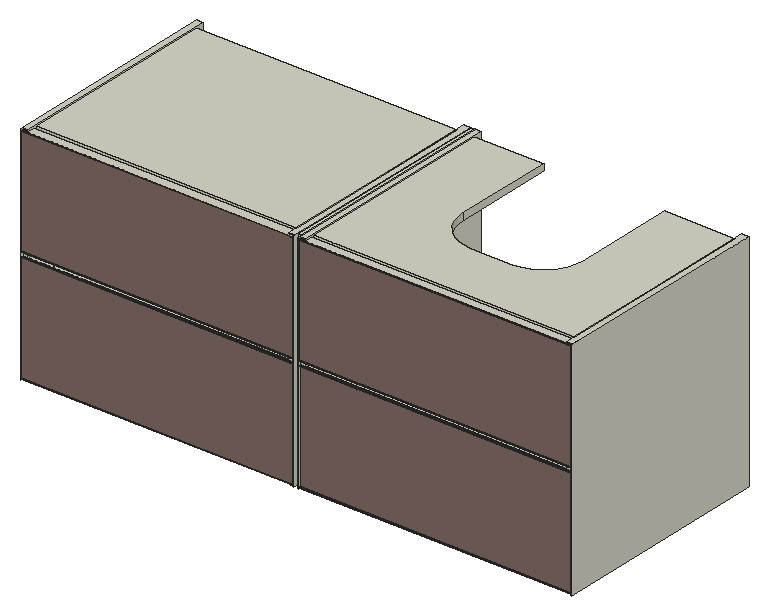
Revit family "vanity unit-hansgrohe-54240XXX-Xevolos E Vanity unit Sand Matt Beige 1370_550 with 4 drawers for consoles with countertop basin ground right", category Furniture, Revit 2019
Family settings
  OmniClass Number = 23.40.00.00
  OmniClass Title = Equipment and Furnishings
  Work Plane-Based = No
  Always vertical = Yes
  Cut with Voids When Loaded = No
  Shared = Yes
  Room Calculation Point = No
Parameters (values of type "54240730-SAND_MATT_BEIGE-DARK_OAK-400")
  etim7_EC011381 = "EC011381"
  WEIGHT = "83.3"
  UNSPSC = "56 | Furniture and Furnishings"
  UNIFORMATII = "E2010 | Fixed Furnishings"
  UNICLASS_2015_CODE = "40_30_78_05"
  UNICLASS2015 = "Pr_40_30_78_05 | Bathroom furniture"
  SURFACE = "DARK_OAK"
  REGION = "Worldwide"
  PERMALINK = "54240XXX"
  OMNICLASS = "23-21 19 15 33 13 | Residential Bathroom Specialty Casework"
  OBJECTTYPE = "Object (single object)"
  OBERFLAECHE = "SAND_MATT_BEIGE"
  NN = "Vanity unit with 4 drawers for consoles with countertop basin ground"
  NBSYN = "$ARTNR.-$OBERFLAECHE.-$SURFACE.-$LODLEVEL."
  NB = "54240730-SAND_MATT_BEIGE-DARK_OAK-400"
  NAME = "Xevolos E Vanity unit Sand Matt Beige 1370/550 with 4 drawers for consoles with countertop basin ground right"
  Model = "54240730-SAND_MATT_BEIGE-DARK_OAK-400"
  Manufacturer = "Hansgrohe"
  MIdent = "{$CADENAS_DATA/23d-libs/hansgrohe/xevolos_furniture/e_vanity_unit_4drawers_consoles_countertop_basin/vanity_unit_4drawers_consoles_countertop_basin.prj},285 {VTYP=3D},{NB=54240730-SAND_MATT_BEIGE-DARK_OAK-400},{LINA=54240730-SAND_MATT_BEIGE-DARK_OAK-400},{NN=Vanity unit with 4 drawers for consoles with countertop basin ground},{DATE=13.03.2023 11:56:00},{GEOMDATE=12.03.2023 06:43:00},{VERSION=},{LINEID=140},{WBVAR=LODLEVEL},{WBNUMERIC=}  {NB=54240730-SAND_MATT_BEIGE-DARK_OAK-400},{LINA=54240730-SAND_MATT_BEIGE-DARK_OAK-400},{KT=DUMMY},{IDNR=14},{ARTNR=54240730},{BASENUMBER=54240},{MODEL=54240XXX},{OBERFLAECHE=SAND_MATT_BEIGE},{SURFACE=DARK_OAK},{L=1370},{CTP=R},{LODLEVEL=400},{LODLEVELX='400','400','200','200'},{NAME=Xevolos E Vanity unit Sand Matt Beige 1370/550 with 4 drawers for consoles with countertop basin ground right},{PERMALINK=54240XXX},{OBJECTTYPE=Object (single object)},{BIMOBJECT=Sanitary: Compound units},{COLLECTIONSET=Xevolos E},{COLLECTION=vanity unit},{WEIGHT=83.3},{DESCRIPTION=Xevolos E Vanity unit Sand Matt Beige 1370/550 with 4 drawers for consoles with countertop basin ground right},{PRODUCTURL=https://pro.hansgrohe.com/articledetail--54240390},{GTINCODE=0},{TENDERURL=0},{IFC=Furnishing element},{ETIM=EC011381 | Bathroom furniture set},{UNICLASS2015=Pr_40_30_78_05 | Bathroom furniture},{OMNICLASS=23-21 19 15 33 13 | Residential Bathroom Specialty Casework},{MASTERFORMAT=12 35 30.23 | Bathroom Casework},{UNSPSC=56 | Furniture and Furnishings},{UNIFORMATII=E2010 | Fixed Furnishings},{REGION=Worldwide},{DESIGN=Germany},{MANUFACTURER=Germany}"
  MASTERFORMAT = "12 35 30.23 | Bathroom Casework"
  LODLEVEL = "400"
  LINA = "54240730-SAND_MATT_BEIGE-DARK_OAK-400"
  L = 1370
  IFC = "Furnishing element"
  IDNR = 14
  ETIM = "EC011381 | Bathroom furniture set"
  DESIGN = "Germany"
  CTP = "R"
  COLLECTIONSET = "Xevolos E"
  COLLECTION = "vanity unit"
  CATALOG = "Hansgrohe"
  BIMOBJECT = "Sanitary: Compound units"
  BASENUMBER = "54240"
  ARTNR = "54240730"
  54240790-SAND_MATT_BEIGE-METALLIC_SAND_BEIGE-400_RX0RY0RZ0TX0TY0TZ0_V = no
  54240790-SAND_MATT_BEIGE-METALLIC_SAND_BEIGE-200_RX0RY0RZ0TX0TY0TZ0_V = no
  54240730-SAND_MATT_BEIGE-DARK_OAK-400_RX0RY0RZ0TX0TY0TZ0_V = yes
  54240730-SAND_MATT_BEIGE-DARK_OAK-200_RX0RY0RZ0TX0TY0TZ0_V = no
  54240390-SAND_MATT_BEIGE-PATTEREND_BRONZE-400_RX0RY0RZ0TX0TY0TZ0_V = no
  54240390-SAND_MATT_BEIGE-PATTEREND_BRONZE-200_RX0RY0RZ0TX0TY0TZ0_V = no
Reference planes
  plane 1 "Center (Front/Back)": y = 0
  plane 2: z = 0
  plane 3 "Center (Left/Right)": x = 0
Dimensions and locks
  aligned and locked: level to plane 2
Nested families
  nested 1: "54240390-sand_matt_beige-patterend_bronze-200_content" at (0, 0, 0), visible <- "54240390-SAND_MATT_BEIGE-PATTEREND_BRONZE-200_RX0RY0RZ0TX0TY0TZ0_V", ContentVisible <- "54240390-SAND_MATT_BEIGE-PATTEREND_BRONZE-200_RX0RY0RZ0TX0TY0TZ0_V", type "54240390-SAND_MATT_BEIGE-PATTEREND_BRONZE-200_Content"
    with ContentVisible no
  nested 2: "54240390-sand_matt_beige-patterend_bronze-400_content" at (0, 0, 0), visible <- "54240390-SAND_MATT_BEIGE-PATTEREND_BRONZE-400_RX0RY0RZ0TX0TY0TZ0_V", ContentVisible <- "54240390-SAND_MATT_BEIGE-PATTEREND_BRONZE-400_RX0RY0RZ0TX0TY0TZ0_V", type "54240390-SAND_MATT_BEIGE-PATTEREND_BRONZE-400_Content"
    with ContentVisible no
  nested 3: "54240730-sand_matt_beige-dark_oak-200_content" at (0, 0, 0), visible <- "54240730-SAND_MATT_BEIGE-DARK_OAK-200_RX0RY0RZ0TX0TY0TZ0_V", ContentVisible <- "54240730-SAND_MATT_BEIGE-DARK_OAK-200_RX0RY0RZ0TX0TY0TZ0_V", type "54240730-SAND_MATT_BEIGE-DARK_OAK-200_Content"
    with ContentVisible no
  nested 4: "54240730-sand_matt_beige-dark_oak-400_content" at (0, 0, 0), visible <- "54240730-SAND_MATT_BEIGE-DARK_OAK-400_RX0RY0RZ0TX0TY0TZ0_V", ContentVisible <- "54240730-SAND_MATT_BEIGE-DARK_OAK-400_RX0RY0RZ0TX0TY0TZ0_V", type "54240730-SAND_MATT_BEIGE-DARK_OAK-400_Content"
    with ContentVisible yes
  nested 5: "54240790-sand_matt_beige-metallic_sand_beige-200_content" at (0, 0, 0), visible <- "54240790-SAND_MATT_BEIGE-METALLIC_SAND_BEIGE-200_RX0RY0RZ0TX0TY0TZ0_V", ContentVisible <- "54240790-SAND_MATT_BEIGE-METALLIC_SAND_BEIGE-200_RX0RY0RZ0TX0TY0TZ0_V", type "54240790-SAND_MATT_BEIGE-METALLIC_SAND_BEIGE-200_Content"
    with ContentVisible no
  nested 6: "54240790-sand_matt_beige-metallic_sand_beige-400_content" at (0, 0, 0), visible <- "54240790-SAND_MATT_BEIGE-METALLIC_SAND_BEIGE-400_RX0RY0RZ0TX0TY0TZ0_V", ContentVisible <- "54240790-SAND_MATT_BEIGE-METALLIC_SAND_BEIGE-400_RX0RY0RZ0TX0TY0TZ0_V", type "54240790-SAND_MATT_BEIGE-METALLIC_SAND_BEIGE-400_Content"
    with ContentVisible no
Definition of nested family "54240730-sand_matt_beige-dark_oak-400_content"
  Parameters (values of type "54240730-SAND_MATT_BEIGE-DARK_OAK-400_Content")
    etim7_EC011381 = "EC011381"
    WEIGHT = "83.3"
    UNSPSC = "56 | Furniture and Furnishings"
    UNIFORMATII = "E2010 | Fixed Furnishings"
    UNICLASS_2015_CODE = "40_30_78_05"
    UNICLASS2015 = "Pr_40_30_78_05 | Bathroom furniture"
    SURFACE = "DARK_OAK"
    REGION = "Worldwide"
    PERMALINK = "54240XXX"
    OMNICLASS = "23-21 19 15 33 13 | Residential Bathroom Specialty Casework"
    OBJECTTYPE = "Object (single object)"
    OBERFLAECHE = "SAND_MATT_BEIGE"
    NN = "Vanity unit with 4 drawers for consoles with countertop basin ground"
    NBSYN = "$ARTNR.-$OBERFLAECHE.-$SURFACE.-$LODLEVEL."
    NB = "54240730-SAND_MATT_BEIGE-DARK_OAK-400"
    NAME = "Xevolos E Vanity unit Sand Matt Beige 1370/550 with 4 drawers for consoles with countertop basin ground right"
    Model = "54240730-SAND_MATT_BEIGE-DARK_OAK-400"
    Manufacturer = "Hansgrohe"
    MASTERFORMAT = "12 35 30.23 | Bathroom Casework"
    LODLEVEL = "400"
    LINA = "54240730-SAND_MATT_BEIGE-DARK_OAK-400"
    L = 1370
    IFC = "Furnishing element"
    IDNR = 14
    ETIM = "EC011381 | Bathroom furniture set"
    Default Elevation = 1219.2 mm
    DESIGN = "Germany"
    ContentVisible [instance] = yes
    CTP = "R"
    COLLECTIONSET = "Xevolos E"
    COLLECTION = "vanity unit"
    CATALOG = "Hansgrohe"
    BIMOBJECT = "Sanitary: Compound units"
    BASENUMBER = "54240"
    ARTNR = "54240730"
  Reference planes
    plane 1 "Center (Front/Back)": y = 0
    plane 2: z = 0
    plane 3 "Center (Left/Right)": x = 0
  Forms (mm)
    Extrusion 1, solid, visible <- "ContentVisible", detail levels medium+fine
      sketch origin (0, 0, 0) x (1, 0, 0) y (0, 1, 0)
        loop
          line (-685, 0) -> (-685, -548.3) -> (-683, -548.3) -> (-683, -544.3) -> (-669, -544.3) -> (-669, 0) -> (-685, 0)
      from 0 to 558
    Extrusion 2, solid, visible <- "ContentVisible", detail levels medium+fine
      sketch origin (0, 0, 0) x (1, 0, 0) y (0, 1, 0)
        loop
          line (-669, -131.5) -> (-669, -498) -> (669, -498) -> (669, -131.5) -> (-669, -131.5)
      from 0 to 16
    Extrusion 3, solid, visible <- "ContentVisible", detail levels medium+fine
      sketch origin (0, 0, 0) x (1, 0, 0) y (0, 1, 0)
        loop
          line (669, 0) -> (669, -544.3) -> (683, -544.3) -> (683, -548.3) -> (685, -548.3) -> (685, 0) -> (669, 0)
      from 0 to 558
    Extrusion 4, solid, visible <- "ContentVisible", detail levels medium+fine
      sketch origin (0, 0, 0.5) x (1, 0, 0) y (0, 1, 0)
        loop
          line (-669, -115.5) -> (-669, -131.5) -> (669, -131.5) -> (669, -115.5) -> (-669, -115.5)
      from 0 to 126
    Extrusion 5, solid, visible <- "ContentVisible", detail levels medium+fine
      sketch origin (0, 0, 0) x (1, 0, 0) y (0, 1, 0)
        loop
          line (-5, -536) -> (5, -536) -> (5, 0) -> (-5, 0) -> (-5, -536)
      from 0 to 558
    Extrusion 6, solid, visible <- "ContentVisible", detail levels medium+fine
      sketch origin (0, 0, 0) x (1, 0, 0) y (0, 1, 0)
        loop
          line (-21, 0) -> (-21, -544.3) -> (-7, -544.3) -> (-7, -548.3) -> (-5, -548.3) -> (-5, 0) -> (-21, 0)
      from 0 to 558
    Extrusion 7, solid, visible <- "ContentVisible", detail levels medium+fine
      sketch origin (0, 0, 0) x (1, 0, 0) y (0, 1, 0)
        loop
          line (5, 0) -> (5, -548.3) -> (7, -548.3) -> (7, -544.3) -> (21, -544.3) -> (21, 0) -> (5, 0)
      from 0 to 558
    Extrusion 8, solid, visible <- "ContentVisible", detail levels medium+fine
      sketch origin (0, 0, 2) x (1, 0, 0) y (0, 1, 0)
        loop
          line (-683, -527) -> (-683, -548.3) -> (-7, -548.3) -> (-7, -527) -> (-683, -527)
      from 0 to 2
    Extrusion 9, solid, visible <- "ContentVisible", detail levels medium+fine
      sketch origin (0, 0, 2) x (1, 0, 0) y (0, 1, 0)
        loop
          line (7, -548.3) -> (683, -548.3) -> (683, -527) -> (7, -527) -> (7, -548.3)
      from 0 to 2
    Extrusion 10, solid, visible <- "ContentVisible", detail levels medium+fine
      sketch origin (0, 0, 556) x (1, 0, 0) y (0, 1, 0)
        loop
          line (-683, -527) -> (-683, -548.3) -> (-7, -548.3) -> (-7, -527) -> (-683, -527)
      from -2 to 0
    Extrusion 11, solid, visible <- "ContentVisible", detail levels medium+fine
      sketch origin (0, 0, 556) x (1, 0, 0) y (0, 1, 0)
        loop
          line (7, -548.3) -> (683, -548.3) -> (683, -527) -> (7, -527) -> (7, -548.3)
      from -2 to 0
    Extrusion 12, solid, visible <- "ContentVisible", detail levels medium+fine
      sketch origin (0, -544.3, 0) x (1, 0, 0) y (0, 0, -1)
        loop
          line (-683, -272.5) -> (-7, -272.5) -> (-7, -4) -> (-683, -4) -> (-683, -272.5)
      from -4 to 0
    Extrusion 13, solid, visible <- "ContentVisible", detail levels medium+fine
      sketch origin (0, -544.3, 0) x (1, 0, 0) y (0, 0, -1)
        loop
          line (7, -272.5) -> (683, -272.5) -> (683, -4) -> (7, -4) -> (7, -272.5)
      from -2 to 0
    Extrusion 14, solid, visible <- "ContentVisible", detail levels medium+fine
      sketch origin (0, -544.3, 0) x (1, 0, 0) y (0, 0, -1)
        loop
          line (-683, -554) -> (-7, -554) -> (-7, -285.5) -> (-683, -285.5) -> (-683, -554)
      from -4 to 0
    Extrusion 15, solid, visible <- "ContentVisible", detail levels medium+fine
      sketch origin (0, -544.3, 0) x (1, 0, 0) y (0, 0, -1)
        loop
          line (7, -554) -> (683, -554) -> (683, -285.5) -> (7, -285.5) -> (7, -554)
      from -4 to 0
    Extrusion 16, solid, visible <- "ContentVisible", detail levels medium+fine
      sketch origin (0, 0, 272.5) x (1, 0, 0) y (0, 1, 0)
        loop
          line (-683, -527) -> (-683, -548.3) -> (-7, -548.3) -> (-7, -527) -> (-683, -527)
      from 0 to 2
    Extrusion 17, solid, visible <- "ContentVisible", detail levels medium+fine
      sketch origin (0, 0, 272.5) x (1, 0, 0) y (0, 1, 0)
        loop
          line (7, -548.3) -> (683, -548.3) -> (683, -527) -> (7, -527) -> (7, -548.3)
      from 0 to 2
    Extrusion 18, solid, visible <- "ContentVisible", detail levels medium+fine
      sketch origin (0, 0, 285.5) x (1, 0, 0) y (0, 1, 0)
        loop
          line (-683, -527) -> (-683, -548.3) -> (-7, -548.3) -> (-7, -527) -> (-683, -527)
      from -2 to 0
    Extrusion 19, solid, visible <- "ContentVisible", detail levels medium+fine
      sketch origin (0, 0, 285.5) x (1, 0, 0) y (0, 1, 0)
        loop
          line (7, -548.3) -> (683, -548.3) -> (683, -527) -> (7, -527) -> (7, -548.3)
      from -2 to 0
    Extrusion 20, solid, visible <- "ContentVisible", detail levels medium+fine
      sketch origin (0, -544.3, 0) x (1, 0, 0) y (0, 0, -1)
        loop
          line (-683, -274.5) -> (-7, -274.5) -> (-7, -4.5) -> (-683, -4.5) -> (-683, -274.5)
        loop
          line (-609, -80.5) -> (-609, -272.5) -> (-81, -272.5) -> (-81, -80.5) -> (-609, -80.5)
      from 0 to 17
    Extrusion 21, solid, visible <- "ContentVisible", detail levels medium+fine
      sketch origin (0, -544.3, 0) x (1, 0, 0) y (0, 0, -1)
        loop
          line (7, -274.5) -> (683, -274.5) -> (683, -4.5) -> (7, -4.5) -> (7, -274.5)
        loop
          line (81, -80.5) -> (81, -272.5) -> (609, -272.5) -> (609, -80.5) -> (81, -80.5)
      from 0 to 17
    Extrusion 22, solid, visible <- "ContentVisible", detail levels medium+fine
      sketch origin (0, -544.3, 0) x (1, 0, 0) y (0, 0, -1)
        loop
          line (-683, -553.5) -> (-607, -553.5) -> (-607, -361.5) -> (-83, -361.5) -> (-83, -553.5) -> (-7, -553.5) -> (-7, -285.5) -> (-683, -285.5) -> (-683, -553.5)
      from 0 to 17
    Extrusion 23, solid, visible <- "ContentVisible", detail levels medium+fine
      sketch origin (0, -544.3, 0) x (1, 0, 0) y (0, 0, -1)
        loop
          line (7, -285.5) -> (7, -553.5) -> (83, -553.5) -> (83, -361.5) -> (607, -361.5) -> (607, -553.5) -> (683, -553.5) -> (683, -285.5) -> (7, -285.5)
      from 0 to 17
    Extrusion 24, solid, visible <- "ContentVisible", detail levels medium+fine
      sketch origin (0, 0, 0) x (0, 0, -1) y (0, 1, 0)
        loop
          line (-285, -395.5) -> (-285, -520) -> (-269, -520) -> (-269, -395.5) -> (-285, -395.5)
      from -669 to 669
    Extrusion 25, solid, visible <- "ContentVisible", detail levels medium+fine
      sketch origin (0, 0, 557.5) x (1, 0, 0) y (0, 1, 0)
        loop
          line (21, -23) -> (21, -521.5) -> (669, -521.5) -> (669, -23) -> (495, -23) -> (495, -273)
          arc (495, -273) -> (465.711, -343.711) -> (395, -373) r 100
          line (395, -373) -> (295, -373)
          arc (295, -373) -> (224.289, -343.711) -> (195, -273) r 100
          line (195, -273) -> (195, -23) -> (21, -23)
      from -16 to 0
    Extrusion 26, solid, visible <- "ContentVisible", detail levels medium+fine
      sketch origin (0, 0, 557.5) x (1, 0, 0) y (0, 1, 0)
        loop
          line (-669, -23) -> (-669, -521.5) -> (-21, -521.5) -> (-21, -23) -> (-669, -23)
      from -16 to 0
    Extrusion 27, solid, visible <- "ContentVisible", detail levels coarse
      sketch origin (0, -274.15, 0) x (1, 0, 0) y (0, 1, 0)
        loop
          line (-685, -274.15) -> (685, -274.15) -> (685, 274.15) -> (-685, 274.15) -> (-685, -274.15)
      from 0 to 558
  Dimensions and locks
    aligned and locked: level to plane 2
Definition of nested family "54240390-sand_matt_beige-patterend_bronze-200_content"
  Parameters (values of type "54240390-SAND_MATT_BEIGE-PATTEREND_BRONZE-200_Content")
    etim7_EC011381 = "EC011381"
    WEIGHT = "83.3"
    UNSPSC = "56 | Furniture and Furnishings"
    UNIFORMATII = "E2010 | Fixed Furnishings"
    UNICLASS_2015_CODE = "40_30_78_05"
    UNICLASS2015 = "Pr_40_30_78_05 | Bathroom furniture"
    SURFACE = "PATTEREND_BRONZE"
    REGION = "Worldwide"
    PERMALINK = "54240XXX"
    OMNICLASS = "23-21 19 15 33 13 | Residential Bathroom Specialty Casework"
    OBJECTTYPE = "Object (single object)"
    OBERFLAECHE = "SAND_MATT_BEIGE"
    NN = "Vanity unit with 4 drawers for consoles with countertop basin ground"
    NBSYN = "$ARTNR.-$OBERFLAECHE.-$SURFACE.-$LODLEVEL."
    NB = "54240390-SAND_MATT_BEIGE-PATTEREND_BRONZE-200"
    NAME = "Xevolos E Vanity unit Sand Matt Beige 1370/550 with 4 drawers for consoles with countertop basin ground right"
    Model = "54240390-SAND_MATT_BEIGE-PATTEREND_BRONZE-200"
    Manufacturer = "Hansgrohe"
    MASTERFORMAT = "12 35 30.23 | Bathroom Casework"
    LODLEVEL = "200"
    LINA = "54240390-SAND_MATT_BEIGE-PATTEREND_BRONZE-200"
    L = 1370
    IFC = "Furnishing element"
    IDNR = 13
    ETIM = "EC011381 | Bathroom furniture set"
    Default Elevation = 1219.2 mm
    DESIGN = "Germany"
    ContentVisible [instance] = yes
    CTP = "R"
    COLLECTIONSET = "Xevolos E"
    COLLECTION = "vanity unit"
    CATALOG = "Hansgrohe"
    BIMOBJECT = "Sanitary: Compound units"
    BASENUMBER = "54240"
    ARTNR = "54240390"
  Reference planes
    plane 1 "Center (Front/Back)": y = 0
    plane 2: z = 0
    plane 3 "Center (Left/Right)": x = 0
  Forms (mm)
    Extrusion 1, solid, visible <- "ContentVisible", detail levels medium+fine
      sketch origin (0, 0, 0) x (1, 0, 0) y (0, 1, 0)
        loop
          line (-685, 0) -> (-685, -544.3) -> (685, -544.3) -> (685, 0) -> (-685, 0)
      from 0 to 558
    Extrusion 2, solid, visible <- "ContentVisible", detail levels medium+fine
      sketch origin (0, -544.3, 0) x (1, 0, 0) y (0, 0, -1)
        loop
          line (-685, -278) -> (-683, -278) -> (-683, -4) -> (683, -4) -> (683, -278) -> (685, -278) -> (685, -2) -> (-685, -2) -> (-685, -278)
      from -4 to 0
    Extrusion 3, solid, visible <- "ContentVisible", detail levels medium+fine
      sketch origin (0, -544.3, 0) x (1, 0, 0) y (0, 0, -1)
        loop
          line (-685, -278) -> (-685, -554) -> (685, -554) -> (685, -278) -> (683, -278) -> (683, -552) -> (-683, -552) -> (-683, -278) -> (-685, -278)
      from -4 to 0
    Extrusion 4, solid, visible <- "ContentVisible", detail levels medium+fine
      sketch origin (0, -544.3, 0) x (1, 0, 0) y (0, 0, -1)
        loop
          line (-683, -272.5) -> (-7, -272.5) -> (-7, -4) -> (-683, -4) -> (-683, -272.5)
      from -4 to 0
    Extrusion 5, solid, visible <- "ContentVisible", detail levels medium+fine
      sketch origin (0, -544.3, 0) x (1, 0, 0) y (0, 0, -1)
        loop
          line (7, -272.5) -> (683, -272.5) -> (683, -4) -> (7, -4) -> (7, -272.5)
      from -2 to 0
    Extrusion 6, solid, visible <- "ContentVisible", detail levels medium+fine
      sketch origin (0, -544.3, 0) x (1, 0, 0) y (0, 0, -1)
        loop
          line (-683, -554) -> (-7, -554) -> (-7, -285.5) -> (-683, -285.5) -> (-683, -554)
      from -4 to 0
    Extrusion 7, solid, visible <- "ContentVisible", detail levels medium+fine
      sketch origin (0, -544.3, 0) x (1, 0, 0) y (0, 0, -1)
        loop
          line (7, -554) -> (683, -554) -> (683, -285.5) -> (7, -285.5) -> (7, -554)
      from -4 to 0
    Extrusion 8, solid, visible <- "ContentVisible", detail levels medium+fine
      sketch origin (0, 0, 272.5) x (1, 0, 0) y (0, 1, 0)
        loop
          line (-683, -527) -> (-683, -548.3) -> (-7, -548.3) -> (-7, -527) -> (-683, -527)
      from 0 to 2
    Extrusion 9, solid, visible <- "ContentVisible", detail levels medium+fine
      sketch origin (0, 0, 272.5) x (1, 0, 0) y (0, 1, 0)
        loop
          line (7, -548.3) -> (683, -548.3) -> (683, -527) -> (7, -527) -> (7, -548.3)
      from 0 to 2
    Extrusion 10, solid, visible <- "ContentVisible", detail levels medium+fine
      sketch origin (0, 0, 285.5) x (1, 0, 0) y (0, 1, 0)
        loop
          line (-683, -527) -> (-683, -548.3) -> (-7, -548.3) -> (-7, -527) -> (-683, -527)
      from -2 to 0
    Extrusion 11, solid, visible <- "ContentVisible", detail levels medium+fine
      sketch origin (0, 0, 285.5) x (1, 0, 0) y (0, 1, 0)
        loop
          line (7, -548.3) -> (683, -548.3) -> (683, -527) -> (7, -527) -> (7, -548.3)
      from -2 to 0
    Extrusion 12, solid, visible <- "ContentVisible", detail levels medium+fine
      sketch origin (0, 0, 0) x (1, 0, 0) y (0, 1, 0)
        loop
          line (-7, -544.3) -> (-7, -548.3) -> (-5, -548.3) -> (-5, -544.3) -> (-7, -544.3)
      from 0 to 554
    Extrusion 13, solid, visible <- "ContentVisible", detail levels medium+fine
      sketch origin (0, 0, 0) x (1, 0, 0) y (0, 1, 0)
        loop
          line (5, -544.3) -> (5, -548.3) -> (7, -548.3) -> (7, -544.3) -> (5, -544.3)
      from 0 to 554
    Extrusion 14, solid, visible <- "ContentVisible", detail levels coarse
      sketch origin (0, -274.15, 0) x (1, 0, 0) y (0, 1, 0)
        loop
          line (-685, -274.15) -> (685, -274.15) -> (685, 274.15) -> (-685, 274.15) -> (-685, -274.15)
      from 0 to 558
  Dimensions and locks
    aligned and locked: level to plane 2
Definition of nested family "54240390-sand_matt_beige-patterend_bronze-400_content"
  Parameters (values of type "54240390-SAND_MATT_BEIGE-PATTEREND_BRONZE-400_Content")
    etim7_EC011381 = "EC011381"
    WEIGHT = "83.3"
    UNSPSC = "56 | Furniture and Furnishings"
    UNIFORMATII = "E2010 | Fixed Furnishings"
    UNICLASS_2015_CODE = "40_30_78_05"
    UNICLASS2015 = "Pr_40_30_78_05 | Bathroom furniture"
    SURFACE = "PATTEREND_BRONZE"
    REGION = "Worldwide"
    PERMALINK = "54240XXX"
    OMNICLASS = "23-21 19 15 33 13 | Residential Bathroom Specialty Casework"
    OBJECTTYPE = "Object (single object)"
    OBERFLAECHE = "SAND_MATT_BEIGE"
    NN = "Vanity unit with 4 drawers for consoles with countertop basin ground"
    NBSYN = "$ARTNR.-$OBERFLAECHE.-$SURFACE.-$LODLEVEL."
    NB = "54240390-SAND_MATT_BEIGE-PATTEREND_BRONZE-400"
    NAME = "Xevolos E Vanity unit Sand Matt Beige 1370/550 with 4 drawers for consoles with countertop basin ground right"
    Model = "54240390-SAND_MATT_BEIGE-PATTEREND_BRONZE-400"
    Manufacturer = "Hansgrohe"
    MASTERFORMAT = "12 35 30.23 | Bathroom Casework"
    LODLEVEL = "400"
    LINA = "54240390-SAND_MATT_BEIGE-PATTEREND_BRONZE-400"
    L = 1370
    IFC = "Furnishing element"
    IDNR = 13
    ETIM = "EC011381 | Bathroom furniture set"
    Default Elevation = 1219.2 mm
    DESIGN = "Germany"
    ContentVisible [instance] = yes
    CTP = "R"
    COLLECTIONSET = "Xevolos E"
    COLLECTION = "vanity unit"
    CATALOG = "Hansgrohe"
    BIMOBJECT = "Sanitary: Compound units"
    BASENUMBER = "54240"
    ARTNR = "54240390"
  Reference planes
    plane 1 "Center (Front/Back)": y = 0
    plane 2: z = 0
    plane 3 "Center (Left/Right)": x = 0
  Forms (mm)
    Extrusion 1, solid, visible <- "ContentVisible", detail levels medium+fine
      sketch origin (0, 0, 0) x (1, 0, 0) y (0, 1, 0)
        loop
          line (-685, 0) -> (-685, -548.3) -> (-683, -548.3) -> (-683, -544.3) -> (-669, -544.3) -> (-669, 0) -> (-685, 0)
      from 0 to 558
    Extrusion 2, solid, visible <- "ContentVisible", detail levels medium+fine
      sketch origin (0, 0, 0) x (1, 0, 0) y (0, 1, 0)
        loop
          line (-669, -131.5) -> (-669, -498) -> (669, -498) -> (669, -131.5) -> (-669, -131.5)
      from 0 to 16
    Extrusion 3, solid, visible <- "ContentVisible", detail levels medium+fine
      sketch origin (0, 0, 0) x (1, 0, 0) y (0, 1, 0)
        loop
          line (669, 0) -> (669, -544.3) -> (683, -544.3) -> (683, -548.3) -> (685, -548.3) -> (685, 0) -> (669, 0)
      from 0 to 558
    Extrusion 4, solid, visible <- "ContentVisible", detail levels medium+fine
      sketch origin (0, 0, 0.5) x (1, 0, 0) y (0, 1, 0)
        loop
          line (-669, -115.5) -> (-669, -131.5) -> (669, -131.5) -> (669, -115.5) -> (-669, -115.5)
      from 0 to 126
    Extrusion 5, solid, visible <- "ContentVisible", detail levels medium+fine
      sketch origin (0, 0, 0) x (1, 0, 0) y (0, 1, 0)
        loop
          line (-5, -536) -> (5, -536) -> (5, 0) -> (-5, 0) -> (-5, -536)
      from 0 to 558
    Extrusion 6, solid, visible <- "ContentVisible", detail levels medium+fine
      sketch origin (0, 0, 0) x (1, 0, 0) y (0, 1, 0)
        loop
          line (-21, 0) -> (-21, -544.3) -> (-7, -544.3) -> (-7, -548.3) -> (-5, -548.3) -> (-5, 0) -> (-21, 0)
      from 0 to 558
    Extrusion 7, solid, visible <- "ContentVisible", detail levels medium+fine
      sketch origin (0, 0, 0) x (1, 0, 0) y (0, 1, 0)
        loop
          line (5, 0) -> (5, -548.3) -> (7, -548.3) -> (7, -544.3) -> (21, -544.3) -> (21, 0) -> (5, 0)
      from 0 to 558
    Extrusion 8, solid, visible <- "ContentVisible", detail levels medium+fine
      sketch origin (0, 0, 2) x (1, 0, 0) y (0, 1, 0)
        loop
          line (-683, -527) -> (-683, -548.3) -> (-7, -548.3) -> (-7, -527) -> (-683, -527)
      from 0 to 2
    Extrusion 9, solid, visible <- "ContentVisible", detail levels medium+fine
      sketch origin (0, 0, 2) x (1, 0, 0) y (0, 1, 0)
        loop
          line (7, -548.3) -> (683, -548.3) -> (683, -527) -> (7, -527) -> (7, -548.3)
      from 0 to 2
    Extrusion 10, solid, visible <- "ContentVisible", detail levels medium+fine
      sketch origin (0, 0, 556) x (1, 0, 0) y (0, 1, 0)
        loop
          line (-683, -527) -> (-683, -548.3) -> (-7, -548.3) -> (-7, -527) -> (-683, -527)
      from -2 to 0
    Extrusion 11, solid, visible <- "ContentVisible", detail levels medium+fine
      sketch origin (0, 0, 556) x (1, 0, 0) y (0, 1, 0)
        loop
          line (7, -548.3) -> (683, -548.3) -> (683, -527) -> (7, -527) -> (7, -548.3)
      from -2 to 0
    Extrusion 12, solid, visible <- "ContentVisible", detail levels medium+fine
      sketch origin (0, -544.3, 0) x (1, 0, 0) y (0, 0, -1)
        loop
          line (-683, -272.5) -> (-7, -272.5) -> (-7, -4) -> (-683, -4) -> (-683, -272.5)
      from -4 to 0
    Extrusion 13, solid, visible <- "ContentVisible", detail levels medium+fine
      sketch origin (0, -544.3, 0) x (1, 0, 0) y (0, 0, -1)
        loop
          line (7, -272.5) -> (683, -272.5) -> (683, -4) -> (7, -4) -> (7, -272.5)
      from -2 to 0
    Extrusion 14, solid, visible <- "ContentVisible", detail levels medium+fine
      sketch origin (0, -544.3, 0) x (1, 0, 0) y (0, 0, -1)
        loop
          line (-683, -554) -> (-7, -554) -> (-7, -285.5) -> (-683, -285.5) -> (-683, -554)
      from -4 to 0
    Extrusion 15, solid, visible <- "ContentVisible", detail levels medium+fine
      sketch origin (0, -544.3, 0) x (1, 0, 0) y (0, 0, -1)
        loop
          line (7, -554) -> (683, -554) -> (683, -285.5) -> (7, -285.5) -> (7, -554)
      from -4 to 0
    Extrusion 16, solid, visible <- "ContentVisible", detail levels medium+fine
      sketch origin (0, 0, 272.5) x (1, 0, 0) y (0, 1, 0)
        loop
          line (-683, -527) -> (-683, -548.3) -> (-7, -548.3) -> (-7, -527) -> (-683, -527)
      from 0 to 2
    Extrusion 17, solid, visible <- "ContentVisible", detail levels medium+fine
      sketch origin (0, 0, 272.5) x (1, 0, 0) y (0, 1, 0)
        loop
          line (7, -548.3) -> (683, -548.3) -> (683, -527) -> (7, -527) -> (7, -548.3)
      from 0 to 2
    Extrusion 18, solid, visible <- "ContentVisible", detail levels medium+fine
      sketch origin (0, 0, 285.5) x (1, 0, 0) y (0, 1, 0)
        loop
          line (-683, -527) -> (-683, -548.3) -> (-7, -548.3) -> (-7, -527) -> (-683, -527)
      from -2 to 0
    Extrusion 19, solid, visible <- "ContentVisible", detail levels medium+fine
      sketch origin (0, 0, 285.5) x (1, 0, 0) y (0, 1, 0)
        loop
          line (7, -548.3) -> (683, -548.3) -> (683, -527) -> (7, -527) -> (7, -548.3)
      from -2 to 0
    Extrusion 20, solid, visible <- "ContentVisible", detail levels medium+fine
      sketch origin (0, -544.3, 0) x (1, 0, 0) y (0, 0, -1)
        loop
          line (-683, -274.5) -> (-7, -274.5) -> (-7, -4.5) -> (-683, -4.5) -> (-683, -274.5)
        loop
          line (-609, -80.5) -> (-609, -272.5) -> (-81, -272.5) -> (-81, -80.5) -> (-609, -80.5)
      from 0 to 17
    Extrusion 21, solid, visible <- "ContentVisible", detail levels medium+fine
      sketch origin (0, -544.3, 0) x (1, 0, 0) y (0, 0, -1)
        loop
          line (7, -274.5) -> (683, -274.5) -> (683, -4.5) -> (7, -4.5) -> (7, -274.5)
        loop
          line (81, -80.5) -> (81, -272.5) -> (609, -272.5) -> (609, -80.5) -> (81, -80.5)
      from 0 to 17
    Extrusion 22, solid, visible <- "ContentVisible", detail levels medium+fine
      sketch origin (0, -544.3, 0) x (1, 0, 0) y (0, 0, -1)
        loop
          line (-683, -553.5) -> (-607, -553.5) -> (-607, -361.5) -> (-83, -361.5) -> (-83, -553.5) -> (-7, -553.5) -> (-7, -285.5) -> (-683, -285.5) -> (-683, -553.5)
      from 0 to 17
    Extrusion 23, solid, visible <- "ContentVisible", detail levels medium+fine
      sketch origin (0, -544.3, 0) x (1, 0, 0) y (0, 0, -1)
        loop
          line (7, -285.5) -> (7, -553.5) -> (83, -553.5) -> (83, -361.5) -> (607, -361.5) -> (607, -553.5) -> (683, -553.5) -> (683, -285.5) -> (7, -285.5)
      from 0 to 17
    Extrusion 24, solid, visible <- "ContentVisible", detail levels medium+fine
      sketch origin (0, 0, 0) x (0, 0, -1) y (0, 1, 0)
        loop
          line (-285, -395.5) -> (-285, -520) -> (-269, -520) -> (-269, -395.5) -> (-285, -395.5)
      from -669 to 669
    Extrusion 25, solid, visible <- "ContentVisible", detail levels medium+fine
      sketch origin (0, 0, 557.5) x (1, 0, 0) y (0, 1, 0)
        loop
          line (21, -23) -> (21, -521.5) -> (669, -521.5) -> (669, -23) -> (495, -23) -> (495, -273)
          arc (495, -273) -> (465.711, -343.711) -> (395, -373) r 100
          line (395, -373) -> (295, -373)
          arc (295, -373) -> (224.289, -343.711) -> (195, -273) r 100
          line (195, -273) -> (195, -23) -> (21, -23)
      from -16 to 0
    Extrusion 26, solid, visible <- "ContentVisible", detail levels medium+fine
      sketch origin (0, 0, 557.5) x (1, 0, 0) y (0, 1, 0)
        loop
          line (-669, -23) -> (-669, -521.5) -> (-21, -521.5) -> (-21, -23) -> (-669, -23)
      from -16 to 0
    Extrusion 27, solid, visible <- "ContentVisible", detail levels coarse
      sketch origin (0, -274.15, 0) x (1, 0, 0) y (0, 1, 0)
        loop
          line (-685, -274.15) -> (685, -274.15) -> (685, 274.15) -> (-685, 274.15) -> (-685, -274.15)
      from 0 to 558
  Dimensions and locks
    aligned and locked: level to plane 2
Definition of nested family "54240730-sand_matt_beige-dark_oak-200_content"
  Parameters (values of type "54240730-SAND_MATT_BEIGE-DARK_OAK-200_Content")
    etim7_EC011381 = "EC011381"
    WEIGHT = "83.3"
    UNSPSC = "56 | Furniture and Furnishings"
    UNIFORMATII = "E2010 | Fixed Furnishings"
    UNICLASS_2015_CODE = "40_30_78_05"
    UNICLASS2015 = "Pr_40_30_78_05 | Bathroom furniture"
    SURFACE = "DARK_OAK"
    REGION = "Worldwide"
    PERMALINK = "54240XXX"
    OMNICLASS = "23-21 19 15 33 13 | Residential Bathroom Specialty Casework"
    OBJECTTYPE = "Object (single object)"
    OBERFLAECHE = "SAND_MATT_BEIGE"
    NN = "Vanity unit with 4 drawers for consoles with countertop basin ground"
    NBSYN = "$ARTNR.-$OBERFLAECHE.-$SURFACE.-$LODLEVEL."
    NB = "54240730-SAND_MATT_BEIGE-DARK_OAK-200"
    NAME = "Xevolos E Vanity unit Sand Matt Beige 1370/550 with 4 drawers for consoles with countertop basin ground right"
    Model = "54240730-SAND_MATT_BEIGE-DARK_OAK-200"
    Manufacturer = "Hansgrohe"
    MASTERFORMAT = "12 35 30.23 | Bathroom Casework"
    LODLEVEL = "200"
    LINA = "54240730-SAND_MATT_BEIGE-DARK_OAK-200"
    L = 1370
    IFC = "Furnishing element"
    IDNR = 14
    ETIM = "EC011381 | Bathroom furniture set"
    Default Elevation = 1219.2 mm
    DESIGN = "Germany"
    ContentVisible [instance] = yes
    CTP = "R"
    COLLECTIONSET = "Xevolos E"
    COLLECTION = "vanity unit"
    CATALOG = "Hansgrohe"
    BIMOBJECT = "Sanitary: Compound units"
    BASENUMBER = "54240"
    ARTNR = "54240730"
  Reference planes
    plane 1 "Center (Front/Back)": y = 0
    plane 2: z = 0
    plane 3 "Center (Left/Right)": x = 0
  Forms (mm)
    Extrusion 1, solid, visible <- "ContentVisible", detail levels medium+fine
      sketch origin (0, 0, 0) x (1, 0, 0) y (0, 1, 0)
        loop
          line (-685, 0) -> (-685, -544.3) -> (685, -544.3) -> (685, 0) -> (-685, 0)
      from 0 to 558
    Extrusion 2, solid, visible <- "ContentVisible", detail levels medium+fine
      sketch origin (0, -544.3, 0) x (1, 0, 0) y (0, 0, -1)
        loop
          line (-685, -278) -> (-683, -278) -> (-683, -4) -> (683, -4) -> (683, -278) -> (685, -278) -> (685, -2) -> (-685, -2) -> (-685, -278)
      from -4 to 0
    Extrusion 3, solid, visible <- "ContentVisible", detail levels medium+fine
      sketch origin (0, -544.3, 0) x (1, 0, 0) y (0, 0, -1)
        loop
          line (-685, -278) -> (-685, -554) -> (685, -554) -> (685, -278) -> (683, -278) -> (683, -552) -> (-683, -552) -> (-683, -278) -> (-685, -278)
      from -4 to 0
    Extrusion 4, solid, visible <- "ContentVisible", detail levels medium+fine
      sketch origin (0, -544.3, 0) x (1, 0, 0) y (0, 0, -1)
        loop
          line (-683, -272.5) -> (-7, -272.5) -> (-7, -4) -> (-683, -4) -> (-683, -272.5)
      from -4 to 0
    Extrusion 5, solid, visible <- "ContentVisible", detail levels medium+fine
      sketch origin (0, -544.3, 0) x (1, 0, 0) y (0, 0, -1)
        loop
          line (7, -272.5) -> (683, -272.5) -> (683, -4) -> (7, -4) -> (7, -272.5)
      from -2 to 0
    Extrusion 6, solid, visible <- "ContentVisible", detail levels medium+fine
      sketch origin (0, -544.3, 0) x (1, 0, 0) y (0, 0, -1)
        loop
          line (-683, -554) -> (-7, -554) -> (-7, -285.5) -> (-683, -285.5) -> (-683, -554)
      from -4 to 0
    Extrusion 7, solid, visible <- "ContentVisible", detail levels medium+fine
      sketch origin (0, -544.3, 0) x (1, 0, 0) y (0, 0, -1)
        loop
          line (7, -554) -> (683, -554) -> (683, -285.5) -> (7, -285.5) -> (7, -554)
      from -4 to 0
    Extrusion 8, solid, visible <- "ContentVisible", detail levels medium+fine
      sketch origin (0, 0, 272.5) x (1, 0, 0) y (0, 1, 0)
        loop
          line (-683, -527) -> (-683, -548.3) -> (-7, -548.3) -> (-7, -527) -> (-683, -527)
      from 0 to 2
    Extrusion 9, solid, visible <- "ContentVisible", detail levels medium+fine
      sketch origin (0, 0, 272.5) x (1, 0, 0) y (0, 1, 0)
        loop
          line (7, -548.3) -> (683, -548.3) -> (683, -527) -> (7, -527) -> (7, -548.3)
      from 0 to 2
    Extrusion 10, solid, visible <- "ContentVisible", detail levels medium+fine
      sketch origin (0, 0, 285.5) x (1, 0, 0) y (0, 1, 0)
        loop
          line (-683, -527) -> (-683, -548.3) -> (-7, -548.3) -> (-7, -527) -> (-683, -527)
      from -2 to 0
    Extrusion 11, solid, visible <- "ContentVisible", detail levels medium+fine
      sketch origin (0, 0, 285.5) x (1, 0, 0) y (0, 1, 0)
        loop
          line (7, -548.3) -> (683, -548.3) -> (683, -527) -> (7, -527) -> (7, -548.3)
      from -2 to 0
    Extrusion 12, solid, visible <- "ContentVisible", detail levels medium+fine
      sketch origin (0, 0, 0) x (1, 0, 0) y (0, 1, 0)
        loop
          line (-7, -544.3) -> (-7, -548.3) -> (-5, -548.3) -> (-5, -544.3) -> (-7, -544.3)
      from 0 to 554
    Extrusion 13, solid, visible <- "ContentVisible", detail levels medium+fine
      sketch origin (0, 0, 0) x (1, 0, 0) y (0, 1, 0)
        loop
          line (5, -544.3) -> (5, -548.3) -> (7, -548.3) -> (7, -544.3) -> (5, -544.3)
      from 0 to 554
    Extrusion 14, solid, visible <- "ContentVisible", detail levels coarse
      sketch origin (0, -274.15, 0) x (1, 0, 0) y (0, 1, 0)
        loop
          line (-685, -274.15) -> (685, -274.15) -> (685, 274.15) -> (-685, 274.15) -> (-685, -274.15)
      from 0 to 558
  Dimensions and locks
    aligned and locked: level to plane 2
Definition of nested family "54240790-sand_matt_beige-metallic_sand_beige-200_content"
  Parameters (values of type "54240790-SAND_MATT_BEIGE-METALLIC_SAND_BEIGE-200_Content")
    etim7_EC011381 = "EC011381"
    WEIGHT = "83.3"
    UNSPSC = "56 | Furniture and Furnishings"
    UNIFORMATII = "E2010 | Fixed Furnishings"
    UNICLASS_2015_CODE = "40_30_78_05"
    UNICLASS2015 = "Pr_40_30_78_05 | Bathroom furniture"
    SURFACE = "METALLIC_SAND_BEIGE"
    REGION = "Worldwide"
    PERMALINK = "54240XXX"
    OMNICLASS = "23-21 19 15 33 13 | Residential Bathroom Specialty Casework"
    OBJECTTYPE = "Object (single object)"
    OBERFLAECHE = "SAND_MATT_BEIGE"
    NN = "Vanity unit with 4 drawers for consoles with countertop basin ground"
    NBSYN = "$ARTNR.-$OBERFLAECHE.-$SURFACE.-$LODLEVEL."
    NB = "54240790-SAND_MATT_BEIGE-METALLIC_SAND_BEIGE-200"
    NAME = "Xevolos E Vanity unit Sand Matt Beige 1370/550 with 4 drawers for consoles with countertop basin ground right"
    Model = "54240790-SAND_MATT_BEIGE-METALLIC_SAND_BEIGE-200"
    Manufacturer = "Hansgrohe"
    MASTERFORMAT = "12 35 30.23 | Bathroom Casework"
    LODLEVEL = "200"
    LINA = "54240790-SAND_MATT_BEIGE-METALLIC_SAND_BEIGE-200"
    L = 1370
    IFC = "Furnishing element"
    IDNR = 15
    ETIM = "EC011381 | Bathroom furniture set"
    Default Elevation = 1219.2 mm
    DESIGN = "Germany"
    ContentVisible [instance] = yes
    CTP = "R"
    COLLECTIONSET = "Xevolos E"
    COLLECTION = "vanity unit"
    CATALOG = "Hansgrohe"
    BIMOBJECT = "Sanitary: Compound units"
    BASENUMBER = "54240"
    ARTNR = "54240790"
  Reference planes
    plane 1 "Center (Front/Back)": y = 0
    plane 2: z = 0
    plane 3 "Center (Left/Right)": x = 0
  Forms (mm)
    Extrusion 1, solid, visible <- "ContentVisible", detail levels medium+fine
      sketch origin (0, 0, 0) x (1, 0, 0) y (0, 1, 0)
        loop
          line (-685, 0) -> (-685, -544.3) -> (685, -544.3) -> (685, 0) -> (-685, 0)
      from 0 to 558
    Extrusion 2, solid, visible <- "ContentVisible", detail levels medium+fine
      sketch origin (0, -544.3, 0) x (1, 0, 0) y (0, 0, -1)
        loop
          line (-685, -278) -> (-683, -278) -> (-683, -4) -> (683, -4) -> (683, -278) -> (685, -278) -> (685, -2) -> (-685, -2) -> (-685, -278)
      from -4 to 0
    Extrusion 3, solid, visible <- "ContentVisible", detail levels medium+fine
      sketch origin (0, -544.3, 0) x (1, 0, 0) y (0, 0, -1)
        loop
          line (-685, -278) -> (-685, -554) -> (685, -554) -> (685, -278) -> (683, -278) -> (683, -552) -> (-683, -552) -> (-683, -278) -> (-685, -278)
      from -4 to 0
    Extrusion 4, solid, visible <- "ContentVisible", detail levels medium+fine
      sketch origin (0, -544.3, 0) x (1, 0, 0) y (0, 0, -1)
        loop
          line (-683, -272.5) -> (-7, -272.5) -> (-7, -4) -> (-683, -4) -> (-683, -272.5)
      from -4 to 0
    Extrusion 5, solid, visible <- "ContentVisible", detail levels medium+fine
      sketch origin (0, -544.3, 0) x (1, 0, 0) y (0, 0, -1)
        loop
          line (7, -272.5) -> (683, -272.5) -> (683, -4) -> (7, -4) -> (7, -272.5)
      from -2 to 0
    Extrusion 6, solid, visible <- "ContentVisible", detail levels medium+fine
      sketch origin (0, -544.3, 0) x (1, 0, 0) y (0, 0, -1)
        loop
          line (-683, -554) -> (-7, -554) -> (-7, -285.5) -> (-683, -285.5) -> (-683, -554)
      from -4 to 0
    Extrusion 7, solid, visible <- "ContentVisible", detail levels medium+fine
      sketch origin (0, -544.3, 0) x (1, 0, 0) y (0, 0, -1)
        loop
          line (7, -554) -> (683, -554) -> (683, -285.5) -> (7, -285.5) -> (7, -554)
      from -4 to 0
    Extrusion 8, solid, visible <- "ContentVisible", detail levels medium+fine
      sketch origin (0, 0, 272.5) x (1, 0, 0) y (0, 1, 0)
        loop
          line (-683, -527) -> (-683, -548.3) -> (-7, -548.3) -> (-7, -527) -> (-683, -527)
      from 0 to 2
    Extrusion 9, solid, visible <- "ContentVisible", detail levels medium+fine
      sketch origin (0, 0, 272.5) x (1, 0, 0) y (0, 1, 0)
        loop
          line (7, -548.3) -> (683, -548.3) -> (683, -527) -> (7, -527) -> (7, -548.3)
      from 0 to 2
    Extrusion 10, solid, visible <- "ContentVisible", detail levels medium+fine
      sketch origin (0, 0, 285.5) x (1, 0, 0) y (0, 1, 0)
        loop
          line (-683, -527) -> (-683, -548.3) -> (-7, -548.3) -> (-7, -527) -> (-683, -527)
      from -2 to 0
    Extrusion 11, solid, visible <- "ContentVisible", detail levels medium+fine
      sketch origin (0, 0, 285.5) x (1, 0, 0) y (0, 1, 0)
        loop
          line (7, -548.3) -> (683, -548.3) -> (683, -527) -> (7, -527) -> (7, -548.3)
      from -2 to 0
    Extrusion 12, solid, visible <- "ContentVisible", detail levels medium+fine
      sketch origin (0, 0, 0) x (1, 0, 0) y (0, 1, 0)
        loop
          line (-7, -544.3) -> (-7, -548.3) -> (-5, -548.3) -> (-5, -544.3) -> (-7, -544.3)
      from 0 to 554
    Extrusion 13, solid, visible <- "ContentVisible", detail levels medium+fine
      sketch origin (0, 0, 0) x (1, 0, 0) y (0, 1, 0)
        loop
          line (5, -544.3) -> (5, -548.3) -> (7, -548.3) -> (7, -544.3) -> (5, -544.3)
      from 0 to 554
    Extrusion 14, solid, visible <- "ContentVisible", detail levels coarse
      sketch origin (0, -274.15, 0) x (1, 0, 0) y (0, 1, 0)
        loop
          line (-685, -274.15) -> (685, -274.15) -> (685, 274.15) -> (-685, 274.15) -> (-685, -274.15)
      from 0 to 558
  Dimensions and locks
    aligned and locked: level to plane 2
Definition of nested family "54240790-sand_matt_beige-metallic_sand_beige-400_content"
  Parameters (values of type "54240790-SAND_MATT_BEIGE-METALLIC_SAND_BEIGE-400_Content")
    etim7_EC011381 = "EC011381"
    WEIGHT = "83.3"
    UNSPSC = "56 | Furniture and Furnishings"
    UNIFORMATII = "E2010 | Fixed Furnishings"
    UNICLASS_2015_CODE = "40_30_78_05"
    UNICLASS2015 = "Pr_40_30_78_05 | Bathroom furniture"
    SURFACE = "METALLIC_SAND_BEIGE"
    REGION = "Worldwide"
    PERMALINK = "54240XXX"
    OMNICLASS = "23-21 19 15 33 13 | Residential Bathroom Specialty Casework"
    OBJECTTYPE = "Object (single object)"
    OBERFLAECHE = "SAND_MATT_BEIGE"
    NN = "Vanity unit with 4 drawers for consoles with countertop basin ground"
    NBSYN = "$ARTNR.-$OBERFLAECHE.-$SURFACE.-$LODLEVEL."
    NB = "54240790-SAND_MATT_BEIGE-METALLIC_SAND_BEIGE-400"
    NAME = "Xevolos E Vanity unit Sand Matt Beige 1370/550 with 4 drawers for consoles with countertop basin ground right"
    Model = "54240790-SAND_MATT_BEIGE-METALLIC_SAND_BEIGE-400"
    Manufacturer = "Hansgrohe"
    MASTERFORMAT = "12 35 30.23 | Bathroom Casework"
    LODLEVEL = "400"
    LINA = "54240790-SAND_MATT_BEIGE-METALLIC_SAND_BEIGE-400"
    L = 1370
    IFC = "Furnishing element"
    IDNR = 15
    ETIM = "EC011381 | Bathroom furniture set"
    Default Elevation = 1219.2 mm
    DESIGN = "Germany"
    ContentVisible [instance] = yes
    CTP = "R"
    COLLECTIONSET = "Xevolos E"
    COLLECTION = "vanity unit"
    CATALOG = "Hansgrohe"
    BIMOBJECT = "Sanitary: Compound units"
    BASENUMBER = "54240"
    ARTNR = "54240790"
  Reference planes
    plane 1 "Center (Front/Back)": y = 0
    plane 2: z = 0
    plane 3 "Center (Left/Right)": x = 0
  Forms (mm)
    Extrusion 1, solid, visible <- "ContentVisible", detail levels medium+fine
      sketch origin (0, 0, 0) x (1, 0, 0) y (0, 1, 0)
        loop
          line (-685, 0) -> (-685, -548.3) -> (-683, -548.3) -> (-683, -544.3) -> (-669, -544.3) -> (-669, 0) -> (-685, 0)
      from 0 to 558
    Extrusion 2, solid, visible <- "ContentVisible", detail levels medium+fine
      sketch origin (0, 0, 0) x (1, 0, 0) y (0, 1, 0)
        loop
          line (-669, -131.5) -> (-669, -498) -> (669, -498) -> (669, -131.5) -> (-669, -131.5)
      from 0 to 16
    Extrusion 3, solid, visible <- "ContentVisible", detail levels medium+fine
      sketch origin (0, 0, 0) x (1, 0, 0) y (0, 1, 0)
        loop
          line (669, 0) -> (669, -544.3) -> (683, -544.3) -> (683, -548.3) -> (685, -548.3) -> (685, 0) -> (669, 0)
      from 0 to 558
    Extrusion 4, solid, visible <- "ContentVisible", detail levels medium+fine
      sketch origin (0, 0, 0.5) x (1, 0, 0) y (0, 1, 0)
        loop
          line (-669, -115.5) -> (-669, -131.5) -> (669, -131.5) -> (669, -115.5) -> (-669, -115.5)
      from 0 to 126
    Extrusion 5, solid, visible <- "ContentVisible", detail levels medium+fine
      sketch origin (0, 0, 0) x (1, 0, 0) y (0, 1, 0)
        loop
          line (-5, -536) -> (5, -536) -> (5, 0) -> (-5, 0) -> (-5, -536)
      from 0 to 558
    Extrusion 6, solid, visible <- "ContentVisible", detail levels medium+fine
      sketch origin (0, 0, 0) x (1, 0, 0) y (0, 1, 0)
        loop
          line (-21, 0) -> (-21, -544.3) -> (-7, -544.3) -> (-7, -548.3) -> (-5, -548.3) -> (-5, 0) -> (-21, 0)
      from 0 to 558
    Extrusion 7, solid, visible <- "ContentVisible", detail levels medium+fine
      sketch origin (0, 0, 0) x (1, 0, 0) y (0, 1, 0)
        loop
          line (5, 0) -> (5, -548.3) -> (7, -548.3) -> (7, -544.3) -> (21, -544.3) -> (21, 0) -> (5, 0)
      from 0 to 558
    Extrusion 8, solid, visible <- "ContentVisible", detail levels medium+fine
      sketch origin (0, 0, 2) x (1, 0, 0) y (0, 1, 0)
        loop
          line (-683, -527) -> (-683, -548.3) -> (-7, -548.3) -> (-7, -527) -> (-683, -527)
      from 0 to 2
    Extrusion 9, solid, visible <- "ContentVisible", detail levels medium+fine
      sketch origin (0, 0, 2) x (1, 0, 0) y (0, 1, 0)
        loop
          line (7, -548.3) -> (683, -548.3) -> (683, -527) -> (7, -527) -> (7, -548.3)
      from 0 to 2
    Extrusion 10, solid, visible <- "ContentVisible", detail levels medium+fine
      sketch origin (0, 0, 556) x (1, 0, 0) y (0, 1, 0)
        loop
          line (-683, -527) -> (-683, -548.3) -> (-7, -548.3) -> (-7, -527) -> (-683, -527)
      from -2 to 0
    Extrusion 11, solid, visible <- "ContentVisible", detail levels medium+fine
      sketch origin (0, 0, 556) x (1, 0, 0) y (0, 1, 0)
        loop
          line (7, -548.3) -> (683, -548.3) -> (683, -527) -> (7, -527) -> (7, -548.3)
      from -2 to 0
    Extrusion 12, solid, visible <- "ContentVisible", detail levels medium+fine
      sketch origin (0, -544.3, 0) x (1, 0, 0) y (0, 0, -1)
        loop
          line (-683, -272.5) -> (-7, -272.5) -> (-7, -4) -> (-683, -4) -> (-683, -272.5)
      from -4 to 0
    Extrusion 13, solid, visible <- "ContentVisible", detail levels medium+fine
      sketch origin (0, -544.3, 0) x (1, 0, 0) y (0, 0, -1)
        loop
          line (7, -272.5) -> (683, -272.5) -> (683, -4) -> (7, -4) -> (7, -272.5)
      from -2 to 0
    Extrusion 14, solid, visible <- "ContentVisible", detail levels medium+fine
      sketch origin (0, -544.3, 0) x (1, 0, 0) y (0, 0, -1)
        loop
          line (-683, -554) -> (-7, -554) -> (-7, -285.5) -> (-683, -285.5) -> (-683, -554)
      from -4 to 0
    Extrusion 15, solid, visible <- "ContentVisible", detail levels medium+fine
      sketch origin (0, -544.3, 0) x (1, 0, 0) y (0, 0, -1)
        loop
          line (7, -554) -> (683, -554) -> (683, -285.5) -> (7, -285.5) -> (7, -554)
      from -4 to 0
    Extrusion 16, solid, visible <- "ContentVisible", detail levels medium+fine
      sketch origin (0, 0, 272.5) x (1, 0, 0) y (0, 1, 0)
        loop
          line (-683, -527) -> (-683, -548.3) -> (-7, -548.3) -> (-7, -527) -> (-683, -527)
      from 0 to 2
    Extrusion 17, solid, visible <- "ContentVisible", detail levels medium+fine
      sketch origin (0, 0, 272.5) x (1, 0, 0) y (0, 1, 0)
        loop
          line (7, -548.3) -> (683, -548.3) -> (683, -527) -> (7, -527) -> (7, -548.3)
      from 0 to 2
    Extrusion 18, solid, visible <- "ContentVisible", detail levels medium+fine
      sketch origin (0, 0, 285.5) x (1, 0, 0) y (0, 1, 0)
        loop
          line (-683, -527) -> (-683, -548.3) -> (-7, -548.3) -> (-7, -527) -> (-683, -527)
      from -2 to 0
    Extrusion 19, solid, visible <- "ContentVisible", detail levels medium+fine
      sketch origin (0, 0, 285.5) x (1, 0, 0) y (0, 1, 0)
        loop
          line (7, -548.3) -> (683, -548.3) -> (683, -527) -> (7, -527) -> (7, -548.3)
      from -2 to 0
    Extrusion 20, solid, visible <- "ContentVisible", detail levels medium+fine
      sketch origin (0, -544.3, 0) x (1, 0, 0) y (0, 0, -1)
        loop
          line (-683, -274.5) -> (-7, -274.5) -> (-7, -4.5) -> (-683, -4.5) -> (-683, -274.5)
        loop
          line (-609, -80.5) -> (-609, -272.5) -> (-81, -272.5) -> (-81, -80.5) -> (-609, -80.5)
      from 0 to 17
    Extrusion 21, solid, visible <- "ContentVisible", detail levels medium+fine
      sketch origin (0, -544.3, 0) x (1, 0, 0) y (0, 0, -1)
        loop
          line (7, -274.5) -> (683, -274.5) -> (683, -4.5) -> (7, -4.5) -> (7, -274.5)
        loop
          line (81, -80.5) -> (81, -272.5) -> (609, -272.5) -> (609, -80.5) -> (81, -80.5)
      from 0 to 17
    Extrusion 22, solid, visible <- "ContentVisible", detail levels medium+fine
      sketch origin (0, -544.3, 0) x (1, 0, 0) y (0, 0, -1)
        loop
          line (-683, -553.5) -> (-607, -553.5) -> (-607, -361.5) -> (-83, -361.5) -> (-83, -553.5) -> (-7, -553.5) -> (-7, -285.5) -> (-683, -285.5) -> (-683, -553.5)
      from 0 to 17
    Extrusion 23, solid, visible <- "ContentVisible", detail levels medium+fine
      sketch origin (0, -544.3, 0) x (1, 0, 0) y (0, 0, -1)
        loop
          line (7, -285.5) -> (7, -553.5) -> (83, -553.5) -> (83, -361.5) -> (607, -361.5) -> (607, -553.5) -> (683, -553.5) -> (683, -285.5) -> (7, -285.5)
      from 0 to 17
    Extrusion 24, solid, visible <- "ContentVisible", detail levels medium+fine
      sketch origin (0, 0, 0) x (0, 0, -1) y (0, 1, 0)
        loop
          line (-285, -395.5) -> (-285, -520) -> (-269, -520) -> (-269, -395.5) -> (-285, -395.5)
      from -669 to 669
    Extrusion 25, solid, visible <- "ContentVisible", detail levels medium+fine
      sketch origin (0, 0, 557.5) x (1, 0, 0) y (0, 1, 0)
        loop
          line (21, -23) -> (21, -521.5) -> (669, -521.5) -> (669, -23) -> (495, -23) -> (495, -273)
          arc (495, -273) -> (465.711, -343.711) -> (395, -373) r 100
          line (395, -373) -> (295, -373)
          arc (295, -373) -> (224.289, -343.711) -> (195, -273) r 100
          line (195, -273) -> (195, -23) -> (21, -23)
      from -16 to 0
    Extrusion 26, solid, visible <- "ContentVisible", detail levels medium+fine
      sketch origin (0, 0, 557.5) x (1, 0, 0) y (0, 1, 0)
        loop
          line (-669, -23) -> (-669, -521.5) -> (-21, -521.5) -> (-21, -23) -> (-669, -23)
      from -16 to 0
    Extrusion 27, solid, visible <- "ContentVisible", detail levels coarse
      sketch origin (0, -274.15, 0) x (1, 0, 0) y (0, 1, 0)
        loop
          line (-685, -274.15) -> (685, -274.15) -> (685, 274.15) -> (-685, 274.15) -> (-685, -274.15)
      from 0 to 558
  Dimensions and locks
    aligned and locked: level to plane 2
Types (6, lengths in mm): name | SURFACE | NB | Model | MIdent | LODLEVEL | LINA | IDNR | ARTNR | 54240790-SAND_MATT_BEIGE-METALLIC_SAND_BEIGE-400_RX0RY0RZ0TX0TY0TZ0_V | 54240790-SAND_MATT_BEIGE-METALLIC_SAND_BEIGE-200_RX0RY0RZ0TX0TY0TZ0_V | 54240730-SAND_MATT_BEIGE-DARK_OAK-400_RX0RY0RZ0TX0TY0TZ0_V | 54240730-SAND_MATT_BEIGE-DARK_OAK-200_RX0RY0RZ0TX0TY0TZ0_V | 54240390-SAND_MATT_BEIGE-PATTEREND_BRONZE-400_RX0RY0RZ0TX0TY0TZ0_V | 54240390-SAND_MATT_BEIGE-PATTEREND_BRONZE-200_RX0RY0RZ0TX0TY0TZ0_V
  54240390-SAND_MATT_BEIGE-PATTEREND_BRONZE-200 | "PATTEREND_BRONZE" | "54240390-SAND_MATT_BEIGE-PATTEREND_BRONZE-200" | "54240390-SAND_MATT_BEIGE-PATTEREND_BRONZE-200" | "{$CADENAS_DATA/23d-libs/hansgrohe/xevolos_furniture/e_vanity_unit_4drawers_consoles_countertop_basin/vanity_unit_4drawers_consoles_countertop_basin.prj},301 {VTYP=3D},{NB=54240390-SAND_MATT_BEIGE-PATTEREND_BRONZE-200},{LINA=54240390-SAND_MATT_BEIGE-PATTEREND_BRONZE-200},{NN=Vanity unit with 4 drawers for consoles with countertop basin ground},{DATE=13.03.2023 11:56:00},{GEOMDATE=12.03.2023 06:43:00},{VERSION=},{LINEID=130},{WBVAR=LODLEVEL},{WBNUMERIC=}  {NB=54240390-SAND_MATT_BEIGE-PATTEREND_BRONZE-200},{LINA=54240390-SAND_MATT_BEIGE-PATTEREND_BRONZE-200},{KT=DUMMY},{IDNR=13},{ARTNR=54240390},{BASENUMBER=54240},{MODEL=54240XXX},{OBERFLAECHE=SAND_MATT_BEIGE},{SURFACE=PATTEREND_BRONZE},{L=1370},{CTP=R},{LODLEVEL=200},{LODLEVELX='400','400','200','200'},{NAME=Xevolos E Vanity unit Sand Matt Beige 1370/550 with 4 drawers for consoles with countertop basin ground right},{PERMALINK=54240XXX},{OBJECTTYPE=Object (single object)},{BIMOBJECT=Sanitary: Compound units},{COLLECTIONSET=Xevolos E},{COLLECTION=vanity unit},{WEIGHT=83.3},{DESCRIPTION=Xevolos E Vanity unit Sand Matt Beige 1370/550 with 4 drawers for consoles with countertop basin ground right},{PRODUCTURL=https://pro.hansgrohe.com/articledetail--54240390},{GTINCODE=0},{TENDERURL=0},{IFC=Furnishing element},{ETIM=EC011381 | Bathroom furniture set},{UNICLASS2015=Pr_40_30_78_05 | Bathroom furniture},{OMNICLASS=23-21 19 15 33 13 | Residential Bathroom Specialty Casework},{MASTERFORMAT=12 35 30.23 | Bathroom Casework},{UNSPSC=56 | Furniture and Furnishings},{UNIFORMATII=E2010 | Fixed Furnishings},{REGION=Worldwide},{DESIGN=Germany},{MANUFACTURER=Germany}" | "200" | "54240390-SAND_MATT_BEIGE-PATTEREND_BRONZE-200" | 13 | "54240390" | no | no | no | no | no | yes
  54240390-SAND_MATT_BEIGE-PATTEREND_BRONZE-400 | "PATTEREND_BRONZE" | "54240390-SAND_MATT_BEIGE-PATTEREND_BRONZE-400" | "54240390-SAND_MATT_BEIGE-PATTEREND_BRONZE-400" | "{$CADENAS_DATA/23d-libs/hansgrohe/xevolos_furniture/e_vanity_unit_4drawers_consoles_countertop_basin/vanity_unit_4drawers_consoles_countertop_basin.prj},301 {VTYP=3D},{NB=54240390-SAND_MATT_BEIGE-PATTEREND_BRONZE-400},{LINA=54240390-SAND_MATT_BEIGE-PATTEREND_BRONZE-400},{NN=Vanity unit with 4 drawers for consoles with countertop basin ground},{DATE=13.03.2023 11:56:00},{GEOMDATE=12.03.2023 06:43:00},{VERSION=},{LINEID=130},{WBVAR=LODLEVEL},{WBNUMERIC=}  {NB=54240390-SAND_MATT_BEIGE-PATTEREND_BRONZE-400},{LINA=54240390-SAND_MATT_BEIGE-PATTEREND_BRONZE-400},{KT=DUMMY},{IDNR=13},{ARTNR=54240390},{BASENUMBER=54240},{MODEL=54240XXX},{OBERFLAECHE=SAND_MATT_BEIGE},{SURFACE=PATTEREND_BRONZE},{L=1370},{CTP=R},{LODLEVEL=400},{LODLEVELX='400','400','200','200'},{NAME=Xevolos E Vanity unit Sand Matt Beige 1370/550 with 4 drawers for consoles with countertop basin ground right},{PERMALINK=54240XXX},{OBJECTTYPE=Object (single object)},{BIMOBJECT=Sanitary: Compound units},{COLLECTIONSET=Xevolos E},{COLLECTION=vanity unit},{WEIGHT=83.3},{DESCRIPTION=Xevolos E Vanity unit Sand Matt Beige 1370/550 with 4 drawers for consoles with countertop basin ground right},{PRODUCTURL=https://pro.hansgrohe.com/articledetail--54240390},{GTINCODE=0},{TENDERURL=0},{IFC=Furnishing element},{ETIM=EC011381 | Bathroom furniture set},{UNICLASS2015=Pr_40_30_78_05 | Bathroom furniture},{OMNICLASS=23-21 19 15 33 13 | Residential Bathroom Specialty Casework},{MASTERFORMAT=12 35 30.23 | Bathroom Casework},{UNSPSC=56 | Furniture and Furnishings},{UNIFORMATII=E2010 | Fixed Furnishings},{REGION=Worldwide},{DESIGN=Germany},{MANUFACTURER=Germany}" | "400" | "54240390-SAND_MATT_BEIGE-PATTEREND_BRONZE-400" | 13 | "54240390" | no | no | no | no | yes | no
